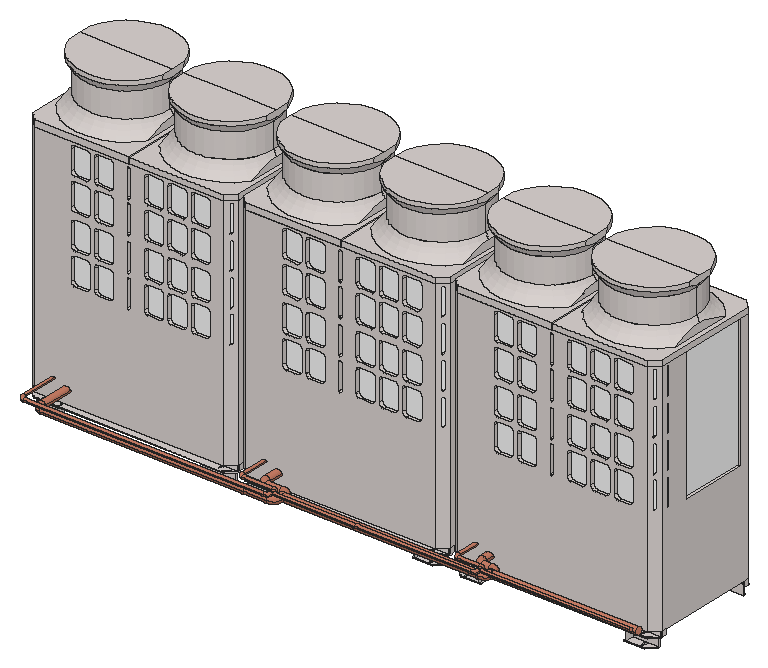
Revit family "PUHY-EP1300YSNW-A", category Mechanical Equipment, Revit 2012 (continued)
Definition of nested family "PUHY-EP400YNW-A"
  Lines and regions (mm)
    model lines
      curve 27: arc (620, -76.8, 563) -> (620, -83.871, 565.929) -> (620, -86.8, 573) r 10
      curve 28: arc (620, 203.2, 583) -> (620, 210.271, 580.071) -> (620, 213.2, 573) r 10
      curve 29: arc (620, 203.2, 563) -> (620, 210.271, 565.929) -> (620, 213.2, 573) r 10
      curve 30: line (620, -76.8, 478) -> (620, 203.2, 478)
      curve 31: line (620, 203.2, 458) -> (620, -76.8, 458)
      curve 32: arc (620, -76.8, 478) -> (620, -83.871, 475.071) -> (620, -86.8, 468) r 10
      curve 33: arc (620, -76.8, 458) -> (620, -83.871, 460.929) -> (620, -86.8, 468) r 10
      curve 34: arc (620, 203.2, 478) -> (620, 210.271, 475.071) -> (620, 213.2, 468) r 10
      curve 35: arc (620, 203.2, 458) -> (620, 210.271, 460.929) -> (620, 213.2, 468) r 10
      curve 36: line (620, -76.8, 373) -> (620, 203.2, 373)
      curve 37: line (620, 203.2, 353) -> (620, -76.8, 353)
      curve 38: arc (620, -76.8, 373) -> (620, -83.871, 370.071) -> (620, -86.8, 363) r 10
      curve 39: arc (620, -76.8, 353) -> (620, -83.871, 355.929) -> (620, -86.8, 363) r 10
      curve 40: arc (620, 203.2, 373) -> (620, 210.271, 370.071) -> (620, 213.2, 363) r 10
      curve 41: arc (620, 203.2, 353) -> (620, 210.271, 355.929) -> (620, 213.2, 363) r 10
      curve 42: line (620, -76.8, 268) -> (620, 203.2, 268)
      curve 43: line (620, 203.2, 248) -> (620, -76.8, 248)
      curve 44: arc (620, -76.8, 268) -> (620, -83.871, 265.071) -> (620, -86.8, 258) r 10
      curve 45: arc (620, -76.8, 248) -> (620, -83.871, 250.929) -> (620, -86.8, 258) r 10
      curve 46: arc (620, 203.2, 268) -> (620, 210.271, 265.071) -> (620, 213.2, 258) r 10
      curve 47: arc (620, 203.2, 248) -> (620, 210.271, 250.929) -> (620, 213.2, 258) r 10
      curve 48: line (-620, -162.3, 1521) -> (-620, -162.3, 95)
      curve 49: line (-620, 235.7, 1521) -> (-620, 235.7, 95)
      curve 50: line (-620, -112.3, 1521) -> (-620, -112.3, 705)
      curve 51: line (-620, 215.7, 1521) -> (-620, 215.7, 705)
      curve 52: line (-620, 235.7, 705) -> (-620, -162.3, 705)
      curve 53: line (-620, 176.7, 268) -> (-620, -103.3, 268)
      curve 54: line (-620, -103.3, 248) -> (-620, 176.7, 248)
      curve 55: arc (-620, 186.7, 258) -> (-620, 183.771, 265.071) -> (-620, 176.7, 268) r 10
      curve 56: arc (-620, 176.7, 248) -> (-620, 183.771, 250.929) -> (-620, 186.7, 258) r 10
      curve 57: arc (-620, -103.3, 268) -> (-620, -110.371, 265.071) -> (-620, -113.3, 258) r 10
      curve 58: arc (-620, -113.3, 258) -> (-620, -110.371, 250.929) -> (-620, -103.3, 248) r 10
      curve 59: line (-620, 176.7, 373) -> (-620, -103.3, 373)
      curve 60: line (-620, -103.3, 353) -> (-620, 176.7, 353)
      curve 61: arc (-620, 186.7, 363) -> (-620, 183.771, 370.071) -> (-620, 176.7, 373) r 10
      curve 62: arc (-620, 176.7, 353) -> (-620, 183.771, 355.929) -> (-620, 186.7, 363) r 10
      curve 63: arc (-620, -103.3, 373) -> (-620, -110.371, 370.071) -> (-620, -113.3, 363) r 10
      curve 64: arc (-620, -113.3, 363) -> (-620, -110.371, 355.929) -> (-620, -103.3, 353) r 10
      curve 65: line (-620, 176.7, 478) -> (-620, -103.3, 478)
      curve 66: line (-620, -103.3, 458) -> (-620, 176.7, 458)
      curve 67: arc (-620, 186.7, 468) -> (-620, 183.771, 475.071) -> (-620, 176.7, 478) r 10
      curve 68: arc (-620, 176.7, 458) -> (-620, 183.771, 460.929) -> (-620, 186.7, 468) r 10
      curve 69: arc (-620, -103.3, 478) -> (-620, -110.371, 475.071) -> (-620, -113.3, 468) r 10
      curve 70: arc (-620, -113.3, 468) -> (-620, -110.371, 460.929) -> (-620, -103.3, 458) r 10
      curve 71: line (-620, 176.7, 583) -> (-620, -103.3, 583)
      curve 72: line (-620, -103.3, 563) -> (-620, 176.7, 563)
      curve 73: arc (-620, 186.7, 573) -> (-620, 183.771, 580.071) -> (-620, 176.7, 583) r 10
      curve 74: arc (-620, 176.7, 563) -> (-620, 183.771, 565.929) -> (-620, 186.7, 573) r 10
      curve 75: arc (-620, -103.3, 583) -> (-620, -110.371, 580.071) -> (-620, -113.3, 573) r 10
      curve 76: arc (-620, -113.3, 573) -> (-620, -110.371, 565.929) -> (-620, -103.3, 563) r 10
      curve 77: line (-544, 370, 1521) -> (-544, 370, 95)
      curve 78: line (489, 370, 649) -> (30, 370, 649)
      curve 79: line (-30.5, 370, 649) -> (-544, 370, 649)
      curve 80: line (-147.25, 370, 584) -> (-427.25, 370, 584)
      curve 81: line (-427.25, 370, 564) -> (-147.25, 370, 564)
      curve 82: arc (-137.25, 370, 574) -> (-140.179, 370, 581.071) -> (-147.25, 370, 584) r 10
      curve 83: arc (-147.25, 370, 564) -> (-140.179, 370, 566.929) -> (-137.25, 370, 574) r 10
      curve 84: arc (-427.25, 370, 584) -> (-434.321, 370, 581.071) -> (-437.25, 370, 574) r 10
      curve 85: arc (-437.25, 370, 574) -> (-434.321, 370, 566.929) -> (-427.25, 370, 564) r 10
      curve 86: circle (448, -185, 1521) r 15 normal (0, 0, 1)
      curve 87: circle (468, -185, 95) r 26 normal (0, 0, 1)
      curve 88: circle (448, -260, 95) r 32.5 normal (0, 0, 1)
      curve 89: circle (404, -204, 95) r 17 normal (0, 0, 1)
      curve 90: line (-550, -370, 1521) -> (-550, -370, 95)
      curve 91: line (-550, -370, 716) -> (-30, -370, 716)
      curve 92: line (550, -370, 95) -> (550, -370, 1521)
      curve 93: line (30, -370, 716) -> (550, -370, 716)
      curve 94: line (-30.5, 370, 1521) -> (-30.5, 370, 95)
      curve 95: line (30, 370, 1521) -> (30, 370, 95)
      curve 96: line (489, 370, 1521) -> (489, 370, 95)
      curve 97: line (467, 370, 669) -> (467, 370, 649)
      curve 98: line (-352, -370, 223) -> (-550, -370, 223)
      curve 99: line (-342, -370, 213) -> (-342, -370, 95)
      curve 100: arc (-342, -370, 213) -> (-344.929, -370, 220.071) -> (-352, -370, 223) r 10
      curve 101: circle (488, -370, 160) r 32.5 normal (0, -1, 0)
      curve 102: circle (488, -370, 160) r 20 normal (0, -1, 0)
      curve 103: circle (364, -370, 150) r 17 normal (0, -1, 0)
      curve 104: circle (413, -370, 185) r 26 normal (0, -1, 0)
      curve 105: circle (413, -370, 185) r 13.5 normal (0, -1, 0)
      curve 106: line (352, -370, 223) -> (550, -370, 223)
      curve 107: line (342, -370, 213) -> (342, -370, 95)
      curve 108: arc (342, -370, 213) -> (344.929, -370, 220.071) -> (352, -370, 223) r 10
      curve 109: line (-147.25, 370, 479) -> (-427.25, 370, 479)
      curve 110: line (-427.25, 370, 459) -> (-147.25, 370, 459)
      curve 111: arc (-137.25, 370, 469) -> (-140.179, 370, 476.071) -> (-147.25, 370, 479) r 10
      curve 112: arc (-147.25, 370, 459) -> (-140.179, 370, 461.929) -> (-137.25, 370, 469) r 10
      curve 113: arc (-427.25, 370, 479) -> (-434.321, 370, 476.071) -> (-437.25, 370, 469) r 10
      curve 114: arc (-437.25, 370, 469) -> (-434.321, 370, 461.929) -> (-427.25, 370, 459) r 10
      curve 115: line (-147.25, 370, 374) -> (-427.25, 370, 374)
      curve 116: line (-427.25, 370, 354) -> (-147.25, 370, 354)
      curve 117: arc (-137.25, 370, 364) -> (-140.179, 370, 371.071) -> (-147.25, 370, 374) r 10
      curve 118: arc (-147.25, 370, 354) -> (-140.179, 370, 356.929) -> (-137.25, 370, 364) r 10
      curve 119: arc (-427.25, 370, 374) -> (-434.321, 370, 371.071) -> (-437.25, 370, 364) r 10
      curve 120: arc (-437.25, 370, 364) -> (-434.321, 370, 356.929) -> (-427.25, 370, 354) r 10
      curve 121: line (-147.25, 370, 269) -> (-427.25, 370, 269)
      curve 122: line (-427.25, 370, 249) -> (-147.25, 370, 249)
      curve 123: arc (-137.25, 370, 259) -> (-140.179, 370, 266.071) -> (-147.25, 370, 269) r 10
      curve 124: arc (-147.25, 370, 249) -> (-140.179, 370, 251.929) -> (-137.25, 370, 259) r 10
      curve 125: arc (-427.25, 370, 269) -> (-434.321, 370, 266.071) -> (-437.25, 370, 259) r 10
      curve 126: arc (-437.25, 370, 259) -> (-434.321, 370, 251.929) -> (-427.25, 370, 249) r 10
      curve 127: line (399.5, 370, 584) -> (119.5, 370, 584)
      curve 128: line (119.5, 370, 564) -> (399.5, 370, 564)
      curve 129: arc (409.5, 370, 574) -> (406.571, 370, 581.071) -> (399.5, 370, 584) r 10
      curve 130: arc (399.5, 370, 564) -> (406.571, 370, 566.929) -> (409.5, 370, 574) r 10
      curve 131: arc (119.5, 370, 584) -> (112.429, 370, 581.071) -> (109.5, 370, 574) r 10
      curve 132: arc (109.5, 370, 574) -> (112.429, 370, 566.929) -> (119.5, 370, 564) r 10
      curve 133: line (399.5, 370, 479) -> (119.5, 370, 479)
      curve 134: line (119.5, 370, 459) -> (399.5, 370, 459)
      curve 135: arc (409.5, 370, 469) -> (406.571, 370, 476.071) -> (399.5, 370, 479) r 10
      curve 136: arc (399.5, 370, 459) -> (406.571, 370, 461.929) -> (409.5, 370, 469) r 10
      curve 137: arc (119.5, 370, 479) -> (112.429, 370, 476.071) -> (109.5, 370, 469) r 10
      curve 138: arc (109.5, 370, 469) -> (112.429, 370, 461.929) -> (119.5, 370, 459) r 10
      curve 139: line (399.5, 370, 374) -> (119.5, 370, 374)
      curve 140: line (119.5, 370, 354) -> (399.5, 370, 354)
      curve 141: arc (409.5, 370, 364) -> (406.571, 370, 371.071) -> (399.5, 370, 374) r 10
      curve 142: arc (399.5, 370, 354) -> (406.571, 370, 356.929) -> (409.5, 370, 364) r 10
      curve 143: arc (119.5, 370, 374) -> (112.429, 370, 371.071) -> (109.5, 370, 364) r 10
      curve 144: arc (109.5, 370, 364) -> (112.429, 370, 356.929) -> (119.5, 370, 354) r 10
      curve 145: line (399.5, 370, 269) -> (119.5, 370, 269)
      curve 146: line (119.5, 370, 249) -> (399.5, 370, 249)
      curve 147: arc (409.5, 370, 259) -> (406.571, 370, 266.071) -> (399.5, 370, 269) r 10
      curve 148: arc (399.5, 370, 249) -> (406.571, 370, 251.929) -> (409.5, 370, 259) r 10
      curve 149: arc (119.5, 370, 269) -> (112.429, 370, 266.071) -> (109.5, 370, 259) r 10
      curve 150: arc (109.5, 370, 259) -> (112.429, 370, 251.929) -> (119.5, 370, 249) r 10
      curve 151: line (399.5, -370, 584) -> (119.5, -370, 584)
      curve 152: line (119.5, -370, 564) -> (399.5, -370, 564)
      curve 153: arc (409.5, -370, 574) -> (406.571, -370, 581.071) -> (399.5, -370, 584) r 10
      curve 154: arc (399.5, -370, 564) -> (406.571, -370, 566.929) -> (409.5, -370, 574) r 10
      curve 155: arc (119.5, -370, 584) -> (112.429, -370, 581.071) -> (109.5, -370, 574) r 10
      curve 156: arc (109.5, -370, 574) -> (112.429, -370, 566.929) -> (119.5, -370, 564) r 10
      curve 157: line (399.5, -370, 479) -> (119.5, -370, 479)
      curve 158: line (119.5, -370, 459) -> (399.5, -370, 459)
      curve 159: arc (409.5, -370, 469) -> (406.571, -370, 476.071) -> (399.5, -370, 479) r 10
      curve 160: arc (399.5, -370, 459) -> (406.571, -370, 461.929) -> (409.5, -370, 469) r 10
      curve 161: arc (119.5, -370, 479) -> (112.429, -370, 476.071) -> (109.5, -370, 469) r 10
      curve 162: arc (109.5, -370, 469) -> (112.429, -370, 461.929) -> (119.5, -370, 459) r 10
      curve 163: line (399.5, -370, 374) -> (119.5, -370, 374)
      curve 164: line (119.5, -370, 354) -> (399.5, -370, 354)
      curve 165: arc (409.5, -370, 364) -> (406.571, -370, 371.071) -> (399.5, -370, 374) r 10
      curve 166: arc (399.5, -370, 354) -> (406.571, -370, 356.929) -> (409.5, -370, 364) r 10
      curve 167: arc (119.5, -370, 374) -> (112.429, -370, 371.071) -> (109.5, -370, 364) r 10
      curve 168: arc (109.5, -370, 364) -> (112.429, -370, 356.929) -> (119.5, -370, 354) r 10
      curve 169: arc (119.5, -370, 269) -> (112.429, -370, 266.071) -> (109.5, -370, 259) r 10
      curve 170: arc (109.5, -370, 259) -> (112.429, -370, 251.929) -> (119.5, -370, 249) r 10
      curve 171: line (-147.25, -370, 584) -> (-427.25, -370, 584)
      curve 172: line (-427.25, -370, 564) -> (-147.25, -370, 564)
      curve 173: arc (-137.25, -370, 574) -> (-140.179, -370, 581.071) -> (-147.25, -370, 584) r 10
      curve 174: arc (-147.25, -370, 564) -> (-140.179, -370, 566.929) -> (-137.25, -370, 574) r 10
      curve 175: arc (-427.25, -370, 584) -> (-434.321, -370, 581.071) -> (-437.25, -370, 574) r 10
      curve 176: arc (-437.25, -370, 574) -> (-434.321, -370, 566.929) -> (-427.25, -370, 564) r 10
      curve 177: line (-147.25, -370, 479) -> (-427.25, -370, 479)
      curve 178: line (-427.25, -370, 459) -> (-147.25, -370, 459)
      curve 179: arc (-137.25, -370, 469) -> (-140.179, -370, 476.071) -> (-147.25, -370, 479) r 10
      curve 180: arc (-147.25, -370, 459) -> (-140.179, -370, 461.929) -> (-137.25, -370, 469) r 10
      curve 181: arc (-427.25, -370, 479) -> (-434.321, -370, 476.071) -> (-437.25, -370, 469) r 10
      curve 182: arc (-437.25, -370, 469) -> (-434.321, -370, 461.929) -> (-427.25, -370, 459) r 10
      curve 183: line (-147.25, -370, 374) -> (-427.25, -370, 374)
      curve 184: line (-427.25, -370, 354) -> (-147.25, -370, 354)
      curve 185: arc (-137.25, -370, 364) -> (-140.179, -370, 371.071) -> (-147.25, -370, 374) r 10
      curve 186: arc (-147.25, -370, 354) -> (-140.179, -370, 356.929) -> (-137.25, -370, 364) r 10
      curve 187: arc (-427.25, -370, 374) -> (-434.321, -370, 371.071) -> (-437.25, -370, 364) r 10
      curve 188: arc (-437.25, -370, 364) -> (-434.321, -370, 356.929) -> (-427.25, -370, 354) r 10
      curve 189: line (-147.25, -370, 269) -> (-262.25, -370, 269)
      curve 190: line (-262.25, -370, 249) -> (-147.25, -370, 249)
      curve 191: arc (-137.25, -370, 259) -> (-140.179, -370, 266.071) -> (-147.25, -370, 269) r 10
      curve 192: arc (-147.25, -370, 249) -> (-140.179, -370, 251.929) -> (-137.25, -370, 259) r 10
      curve 193: arc (-262.25, -370, 269) -> (-269.321, -370, 266.071) -> (-272.25, -370, 259) r 10
      curve 194: arc (-272.25, -370, 259) -> (-269.321, -370, 251.929) -> (-262.25, -370, 249) r 10
      curve 195: line (234.5, -370, 269) -> (119.5, -370, 269)
      curve 196: line (119.5, -370, 249) -> (234.5, -370, 249)
      curve 197: arc (244.5, -370, 259) -> (241.571, -370, 266.071) -> (234.5, -370, 269) r 10
      curve 198: arc (234.5, -370, 249) -> (241.571, -370, 251.929) -> (244.5, -370, 259) r 10
  Dimensions and locks
    nested 2 to nested 2 = 303 mm
    cut or joined group 1 (Extrusion 1, Extrusion 2, Extrusion 3, Extrusion 4, Extrusion 5, Extrusion 6, Extrusion 7, Extrusion 8, Extrusion 9, Extrusion 10, Extrusion 11, Extrusion 12, Extrusion 13, Extrusion 14, Extrusion 15, Extrusion 16, Extrusion 17, Extrusion 18, Extrusion 19, Extrusion 20, Extrusion 21, Extrusion 22, Extrusion 23, Extrusion 24, Extrusion 25, Extrusion 26, Extrusion 27, Extrusion 28, Extrusion 29, Extrusion 30, Extrusion 31, Extrusion 32, Extrusion 33) to cut or joined group 1 = 1240 mm
    Extrusion 2 sketch curve to Extrusion 2 sketch curve = 116.8 mm
    Extrusion 2 sketch curve to Extrusion 2 sketch curve = 170.8 mm
    Extrusion 3 sketch curve to Extrusion 3 sketch curve = 116.8 mm
    Extrusion 3 sketch curve to Extrusion 3 sketch curve = 170.8 mm
    Extrusion 4 sketch curve to Extrusion 4 sketch curve = 116.8 mm
    Extrusion 4 sketch curve to Extrusion 4 sketch curve = 170.8 mm
    Extrusion 5 sketch curve to Extrusion 5 sketch curve = 116.8 mm
    Extrusion 5 sketch curve to Extrusion 5 sketch curve = 170.8 mm
    Extrusion 6 sketch curve to Extrusion 6 sketch curve = 116.8 mm
    Extrusion 6 sketch curve to Extrusion 6 sketch curve = 170.8 mm
    Extrusion 7 sketch curve to Extrusion 7 sketch curve = 116.8 mm
    Extrusion 7 sketch curve to Extrusion 7 sketch curve = 170.8 mm
    Extrusion 8 sketch curve to Extrusion 8 sketch curve = 116.8 mm
    Extrusion 8 sketch curve to Extrusion 8 sketch curve = 170.8 mm
    Extrusion 9 sketch curve to Extrusion 9 sketch curve = 116.8 mm
    Extrusion 9 sketch curve to Extrusion 9 sketch curve = 170.8 mm
    cut or joined group 1 to cut or joined group 1 = 50 mm  (x2)
    Extrusion 10 sketch curve to Extrusion 10 sketch curve = 116.8 mm
    Extrusion 10 sketch curve to Extrusion 10 sketch curve = 170.8 mm
    Extrusion 11 sketch curve to Extrusion 11 sketch curve = 116.8 mm
    Extrusion 11 sketch curve to Extrusion 11 sketch curve = 170.8 mm
    Extrusion 12 sketch curve to Extrusion 12 sketch curve = 116.8 mm
    Extrusion 12 sketch curve to Extrusion 12 sketch curve = 170.8 mm
    Extrusion 13 sketch curve to Extrusion 13 sketch curve = 116.8 mm
    Extrusion 13 sketch curve to Extrusion 13 sketch curve = 170.8 mm
    Extrusion 14 sketch curve to Extrusion 14 sketch curve = 116.8 mm
    Extrusion 14 sketch curve to Extrusion 14 sketch curve = 170.8 mm
    Extrusion 15 sketch curve to Extrusion 15 sketch curve = 116.8 mm
    Extrusion 15 sketch curve to Extrusion 15 sketch curve = 170.8 mm
    Extrusion 16 sketch curve to Extrusion 16 sketch curve = 116.8 mm
    Extrusion 16 sketch curve to Extrusion 16 sketch curve = 170.8 mm
    Extrusion 17 sketch curve to Extrusion 17 sketch curve = 116.8 mm
    Extrusion 17 sketch curve to Extrusion 17 sketch curve = 170.8 mm
    Extrusion 18 sketch curve to Extrusion 18 sketch curve = 116.8 mm
    Extrusion 18 sketch curve to Extrusion 18 sketch curve = 170.8 mm
    Extrusion 19 sketch curve to Extrusion 19 sketch curve = 116.8 mm
    Extrusion 19 sketch curve to Extrusion 19 sketch curve = 170.8 mm
    Extrusion 20 sketch curve to Extrusion 20 sketch curve = 116.8 mm
    Extrusion 20 sketch curve to Extrusion 20 sketch curve = 170.8 mm
    Extrusion 21 sketch curve to Extrusion 21 sketch curve = 116.8 mm
    Extrusion 21 sketch curve to Extrusion 21 sketch curve = 170.8 mm
    plane 3 "Center (Left/Right)" to cut or joined group 1 = 620 mm
    cut or joined group 1 to plane 3 "Center (Left/Right)" = 620 mm
    Extrusion 1 sketch curve to Extrusion 1 sketch curve = 1240 mm
    cut or joined group 1 to plane 8 = 185 mm
    cut or joined group 1 to plane 7 = 166 mm
    cut or joined group 1 to plane 6 = 110 mm
    cut or joined group 1 to plane 12 to cut or joined group 1 = 805 mm, 621 mm
    plane 5 to plane 2 = 1858 mm  (x2)
    cut or joined group 1 to plane 19 "132" = 132 mm
    cut or joined group 1 to plane 22 = 207 mm
    cut or joined group 1 to plane 23 = 256 mm
    cut or joined group 1 to plane 6 = 60 mm
    cut or joined group 1 to cut or joined group 1 = 42.154 mm
    cut or joined group 1 to cut or joined group 1 = 11.895 mm
    nested 1 to nested 3 to level = 1798 mm, 60 mm
    nested 1 to nested 1 = 303 mm
    nested 1 to nested 3 = 1495 mm
    nested 8 to nested 8 to nested 8 to nested 7 to nested 7 to nested 7 = 54 mm, 20 mm, 592 mm, 20 mm, 54 mm
    nested 3 to nested 3 = 56 mm
    plane 11 to plane 31 to plane 32 to cut or joined group 1 = 90 mm, 1060 mm, 90 mm
    curve 103 to nested 7 = 90 mm
    curve 104 to nested 7 = 125 mm
    curve 101 to nested 7 = 100 mm
    curve 11 to curve 13 to nested 7 = 84 mm, 71 mm
    cut or joined group 1 to curve 12 to curve 14 = 125 mm, 148 mm
    nested 2 to nested 7 = 1495 mm
    curve 87 to cut or joined group 1 = 152 mm
    curve 88 to cut or joined group 1 = 172 mm
    curve 89 to cut or joined group 1 = 216 mm
    cut or joined group 1 to curve 4 to curve 2 = 128 mm, 150 mm
    cut or joined group 1 to curve 1 to curve 3 = 79 mm, 94 mm
    Extrusion 32 sketch curve to nested 7 = 116 mm
    cut or joined group 1 to Extrusion 32 sketch curve = 160 mm
    cut or joined group 1 to Extrusion 33 sketch curve = 243 mm
    Extrusion 33 sketch curve to nested 7 = 116 mm
    aligned and locked: level to plane 2
    aligned and locked: Extrusion 1 to plane 4
  Nested families
    nested 1: "FAN GUARD" at (-311.5, 2, 860), type "FAN GUARD"
      with WIDTH 870 mm
    nested 2: "FAN GUARD" at (311.5, 2, 860) x (-1, 0, 0) z (0, 0, 1), type "FAN GUARD"
      with WIDTH 870 mm
    nested 3: "ATTACHMENT LEG" at (-524, -349, 0), type "ATTACHMENT LEG"
    nested 4: "ATTACHMENT LEG" at (-524, 349, 0), type "ATTACHMENT LEG"
    nested 5: "ATTACHMENT LEG" at (524, -349, 0) x (-1, 0, 0) z (0, 0, 1), type "ATTACHMENT LEG"
    nested 6: "ATTACHMENT LEG" at (524, 349, 0) x (-1, 0, 0) z (0, 0, 1), type "ATTACHMENT LEG"
    nested 7: "BASE LEG_L_" at (0, -352, 60), type "BASE LEG_L_"
      with Width 1240 mm
    nested 8: "BASE LEG_L_" at (0, 352, 60), type "BASE LEG_L_"
      with Width 1240 mm
  Connectors
    piping at (-460, -191, 176), driven by "Liquid pipe_radius"
      settings: on cut or joined group 1, index 3, connector radius 12.7 mm, flow factor 0, pipe flow 0.0 L/s, pressure drop 0.0 Pa, fitting loss kfactor 0, connector angle 0.00°, fixture units 0, engagement length 0 mm, flow configuration 0, flow direction 0, fitting loss method 0, system type 22, joint type 0, gender type 0, connector reference index -1, connector utility 0, adjustable connector no, is connector primary yes, fitting loss table "", connector description "Refrigerant service valve<Liquid pipe>"
    piping at (-377, -191, 176), driven by "Gas pipe_radius"
      settings: on cut or joined group 1, index 4, connector radius 14.29 mm, flow factor 0, pipe flow 0.0 L/s, pressure drop 0.0 Pa, fitting loss kfactor 0, connector angle 0.00°, fixture units 0, engagement length 0 mm, flow configuration 0, flow direction 0, fitting loss method 0, system type 22, joint type 0, gender type 0, connector reference index -1, connector utility 0, adjustable connector no, is connector primary no, fitting loss table "", connector description "Refrigerant service valve<Gas>"
    electrical at (0, -370, 808)
      settings: on cut or joined group 1, index 5, voltage 0 V, apparent load 0 VA, apparent load phase1 0 VA, apparent load phase2 0 VA, apparent load phase3 0 VA, power factor 1, load classification "HVAC", number of poles 1, system type 30, power factor state 1, is connector primary yes, connector utility no, sub classification motor no, connector description ""
  Definition of nested family "FAN GUARD"
    Parameters (values of type "FAN GUARD")
      WIDTH [instance] = 870 mm
    Reference planes
      plane 1 "中心(正面/背面)": y = -2
      plane 2: z = 0
      plane 3 "ファンガード基準面": z = 661
      plane 4: y = 368
      plane 5: x = 366
      plane 6: x = -375
      plane 7 "ファンガード基準上面": z = 695
      plane 8 "ファンガード上面": z = 998
      plane 9: x = -273.971
      plane 10: x = 308.5
      plane 11: x = -308.5
      plane 12: x = 0
    Forms (mm)
      Extrusion 1, solid, material "Paint_5Y 8/1"
        sketch origin (85, 0, 661) x (-1, 0, 0) y (0, -1, 0)
          loop
            line (343.5, -368) -> (393.5, -318) -> (393.5, 322) -> (343.5, 372) -> (-223.5, 372) -> (-223.5, -368) -> (343.5, -368)
        from 0 to 34
      Revolve 2, solid, material "Paint_5Y 8/1"
        sketch origin (0, -2, 0) x (1, 0, 0) y (0, 0, 1)
          loop
            line (0, 695) -> (0, 998) -> (-290, 998) -> (-290, 972.327) -> (-260, 928.372) -> (-260, 777.384)
            arc (-260, 777.384) -> (-290.651, 730.137) -> (-334.665, 695) r 175.882
            line (-334.665, 695) -> (0, 695)
          axis (0, 998) -> (0, 695)
        angle from 0 to 360
      Extrusion 3, void
        sketch origin (-840, 75, 695) x (-1, 0, 0) y (0, -1, 0)
          loop
            line (-410, -165) -> (-410, 315) -> (-561.253, 315) -> (-561.253, -165) -> (-410, -165)
        from -35 to 430.592
      Extrusion 4, void
        sketch origin (840, 75, 695) x (1, 0, 0) y (0, 1, 0)
          loop
            line (-410, 165) -> (-561.253, 165) -> (-561.253, -315) -> (-410, -315) -> (-410, 165)
        from 0 to 430.592
    Cuts and joins
      Extrusion 3, Extrusion 4 cuts Revolve 2
      Extrusion 4 cuts Extrusion 1
    Lines and regions (mm)
      model lines
        curve 1: line (-278.747, 0, 998) -> (-80, 0, 998)
        curve 2: line (80, 0, 998) -> (278.747, 0, 998)
        curve 3: circle (0, 0, 998) r 80 normal (0, 0, 1)
        curve 4: line (-278.747, -80, 998) -> (278.747, -80, 998)
        curve 5: line (-241.868, -160, 998) -> (241.868, -160, 998)
        curve 6: line (-162.788, -240, 998) -> (162.788, -240, 998)
        curve 7: line (-278.747, 80, 998) -> (278.747, 80, 998)
        curve 8: line (-241.868, 160, 998) -> (240, 160, 998)
        curve 9: line (-160, 240, 998) -> (162.788, 240, 998)
        curve 10: line (0, 290, 998) -> (0, -290, 998)
        curve 11: line (-20, 289.31, 998) -> (-20, -289.31, 998)
        curve 12: line (-40, 287.228, 998) -> (-40, -287.228, 998)
        curve 13: line (-60, 283.725, 998) -> (-60, -283.725, 998)
        curve 14: line (-80, 278.747, 998) -> (-80, -278.747, 998)
        curve 15: line (20, 289.31, 998) -> (20, -289.31, 998)
        curve 16: line (40, 287.228, 998) -> (40, -287.228, 998)
        curve 17: line (60, 283.725, 998) -> (60, -283.725, 998)
        curve 18: line (80, 278.747, 998) -> (80, -278.747, 998)
        curve 19: line (100, 272.213, 998) -> (100, -272.213, 998)
        curve 20: line (120, 264.008, 998) -> (120, -264.008, 998)
        curve 21: line (140, 253.969, 998) -> (140, -253.969, 998)
        curve 22: line (160, 241.868, 998) -> (160, -243.132, 998)
        curve 23: line (180, 227.376, 998) -> (180, -227.624, 998)
        curve 24: line (200, 210, 998) -> (200, -210, 998)
        curve 25: line (220, 188.944, 998) -> (220, -188.944, 998)
        curve 26: line (240, 160, 998) -> (240, -162.788, 998)
        curve 27: line (260, 128.452, 998) -> (260, -128.452, 998)
        curve 28: line (-100, 272.213, 998) -> (-100, -272.213, 998)
        curve 29: line (-120, 264.008, 998) -> (-120, -264.008, 998)
        curve 30: line (-140, 253.969, 998) -> (-140, -253.969, 998)
        curve 31: line (-160, 240, 998) -> (-160, -241.868, 998)
        curve 32: line (-180, 227.376, 998) -> (-180, -227.376, 998)
        curve 33: line (-200, 210, 998) -> (-200, -210, 998)
        curve 34: line (-220, 188.944, 998) -> (-220, -188.944, 998)
        curve 35: line (-240, 162.788, 998) -> (-240, -162.788, 998)
        curve 36: line (-260, 128.452, 998) -> (-260, -128.452, 998)
        curve 37: line (10, 79.373, 998) -> (10, -79.373, 998)
        curve 38: line (-10, 79.373, 998) -> (-10, -79.373, 998)
        curve 39: line (30, 74.162, 998) -> (30, -74.162, 998)
        curve 40: line (50, 62.45, 998) -> (50, -62.45, 998)
        curve 41: line (70, 38.73, 998) -> (70, -38.73, 998)
        curve 42: line (-30, 74.162, 998) -> (-30, -74.162, 998)
        curve 43: line (-50, 62.45, 998) -> (-50, -62.45, 998)
        curve 44: line (-70, 38.73, 998) -> (-70, -38.73, 998)
    Dimensions and locks
      locked: plane 8 "ファンガード上面" to plane 7 "ファンガード基準上面" at 303
      plane 8 "ファンガード上面" to plane 3 "ファンガード基準面" = 337 mm
      Revolve 2 sketch curve to Revolve 2 sketch curve = 290 mm
      Extrusion 1 sketch curve to Extrusion 1 sketch curve = 740 mm
      equal spacing: Extrusion 1 sketch curve, plane 1 "中心(正面/背面)", Extrusion 1 sketch curve
      plane 6 to plane 5 = 741 mm
      Extrusion 1 sketch curve to Extrusion 1 sketch curve = 617 mm
      plane 11 to plane 10 = 617 mm
      cut or joined group of Extrusion 1, Extrusion 4 to cut or joined group of Extrusion 1, Extrusion 4 = 617 mm
      cut or joined group of Extrusion 1, Extrusion 4 to cut or joined group of Extrusion 1, Extrusion 4 = 740 mm
      aligned and locked: level to plane 2
      aligned and locked: plane 7 "ファンガード基準上面" to Extrusion 1
      aligned and locked: plane 3 "ファンガード基準面" to Extrusion 1
      aligned and locked: cut or joined group of Revolve 2, Extrusion 3, Extrusion 4 to plane 8 "ファンガード上面"
  Definition of nested family "ATTACHMENT LEG"
    Parameters (values of type "ATTACHMENT LEG")
      Width = 145 mm
    Reference planes
      plane 1: z = 0
      plane 2 "中心(左/右)": x = -6
      plane 3: x = -52
      plane 4: x = 85
      plane 5: x = 93
      plane 6: y = -21
      plane 7: y = 27
      plane 8: x = -30
      plane 9: y = 39
      plane 10: z = 60
      plane 11: z = 57
      plane 12: z = 3
      plane 13: x = 82
      plane 14: y = 36
      plane 15: x = -75
      plane 16: y = 31
      plane 17 "幅": x = 93
      plane 18: y = 2.5
      plane 19: y = 21
      plane 20: y = -10
    Forms (mm)
      Extrusion 1, solid, material "Paint_5Y 8/1"
        sketch origin (0, -1, 0) x (1, 0, 0) y (0, 1, 0)
          loop
            line (-75, 36) -> (-75, 27) -> (-28, -20) -> (93, -20) -> (93, 32) -> (85, 32) -> (85, 36) -> (-75, 36)
        from 0 to 60
      Extrusion 2, void
        sketch origin (0, -3, 0) x (1, 0, 0) y (0, 0, 1)
          loop
            line (-75, 57) -> (-75, 3) -> (82, 3) -> (82, 57) -> (-75, 57)
          loop
            line (93, 57) -> (85, 57) -> (85, 3) -> (93, 3) -> (93, 57)
        from -35 to 18
      Extrusion 3, void
        sketch origin (-6, 5.5, 0) x (1, 0, 0) y (0, 1, 0)
          loop
            arc (-7, -8.5) -> (0, -15.5) -> (7, -8.5) r 7
            line (7, -8.5) -> (7, 8.5)
            arc (7, 8.5) -> (0, 15.5) -> (-7, 8.5) r 7
            line (-7, 8.5) -> (-7, -8.5)
        from 0 to 60
    Cuts and joins
      Extrusion 2, Extrusion 3 cuts Extrusion 1
    Dimensions and locks
      locked: plane 3 to plane 4 at 137
      locked: plane 3 to plane 5 at 145
      plane 6 to plane 7 = 48 mm
      locked: plane 10 to level at 60
      Extrusion 3 sketch curve to plane 2 "中心(左/右)" = 7 mm
      locked: plane 15 to plane 2 "中心(左/右)" at 69
      locked: plane 15 to plane 8 at 45
      locked: plane 6 to plane 18 at 23.5
      cut or joined group of Extrusion 1, Extrusion 2, Extrusion 3 to cut or joined group of Extrusion 1, Extrusion 2, Extrusion 3 = 168 mm
      cut or joined group of Extrusion 1, Extrusion 2, Extrusion 3 to cut or joined group of Extrusion 1, Extrusion 2, Extrusion 3 = 56 mm  (x2)
      plane 14 to plane 6 = 57 mm
      aligned and locked: level to plane 1
      aligned and locked: Extrusion 1 sketch curve to plane 4
      aligned and locked: Extrusion 1 sketch curve to plane 5
      aligned: plane 8 to Extrusion 1 sketch curve
      aligned and locked: plane 10 to Extrusion 1
      aligned and locked: Extrusion 2 sketch curve to plane 11
      aligned: plane 3 to Extrusion 2 sketch curve
      aligned and locked: plane 12 to Extrusion 2 sketch curve
      aligned and locked: Extrusion 2 sketch curve to plane 13
      aligned and locked: plane 6 to Extrusion 2
      aligned and locked: plane 11 to Extrusion 2 sketch curve
      aligned and locked: plane 5 to Extrusion 2 sketch curve
      aligned and locked: Extrusion 2 sketch curve to plane 12
      aligned and locked: Extrusion 2 sketch curve to plane 4
      aligned and locked: plane 15 to Extrusion 1 sketch curve
      aligned and locked: Extrusion 2 sketch curve to cut or joined group of Extrusion 1, Extrusion 2, Extrusion 3
      aligned and locked: Extrusion 1 to plane 16
  Definition of nested family "BASE LEG_L_"
    Parameters (values of type "BASE LEG_L_")
      Width [instance] = 1240 mm
    Reference planes
      plane 1 "中心(正面/背面)": y = 0
      plane 2: z = 0
      plane 3 "中心(左/右)": x = 0
      plane 4: x = 620
      plane 5: x = -620
      plane 6: x = -530
      plane 7: x = 530
      plane 8: y = -18
      plane 9: y = 39
      plane 10: z = 53
      plane 11: y = 42
      plane 12: y = 27
      plane 13: x = 575
      plane 14: x = -575
      plane 15: z = 8
      plane 16: y = 11.5
      plane 17: z = 35
    Forms (mm)
      Extrusion 1, solid, material "Paint_5Y 8/1"
        sketch origin (0, 0, 0) x (0, 1, 0) y (0, 0, 1)
          loop
            line (-18, 0) -> (36, 0) -> (36, 32) -> (56, 32) -> (56, 35) -> (33, 35) -> (33, 3) -> (-18, 3) -> (-18, 0)
        from -620 to 620
      Extrusion 2, void
        sketch origin (0, 0, 0) x (1, 0, 0) y (0, 1, 0)
          loop
            line (575, -18) -> (620, -18) -> (620, 27) -> (575, -18)
          loop
            line (-575, -18) -> (-620, 27) -> (-620, -18) -> (-575, -18)
        from 0 to 250
      Extrusion 3, void
        sketch origin (0, 12.023, 0) x (1, 0, 0) y (0, 1, 0)
          loop
            arc (523, -2.971) -> (530, -9.971) -> (537, -2.971) r 7
            line (537, -2.971) -> (537, 3.023)
            arc (537, 3.023) -> (530, 10.023) -> (523, 3.023) r 7
            line (523, 3.023) -> (523, -2.971)
          loop
            line (-523, -2.971) -> (-523, 3.023)
            arc (-523, 3.023) -> (-530, 10.023) -> (-537, 3.023) r 7
            line (-537, 3.023) -> (-537, -2.971)
            arc (-537, -2.971) -> (-530, -9.971) -> (-523, -2.971) r 7
        from 0 to 250
      Extrusion 4, solid, material "Paint_5Y 8/1"
        sketch origin (0, 0, -3) x (1, 0, 0) y (0, 0, 1)
          loop
            line (617, 8) -> (620, 8) -> (620, 35) -> (617, 35) -> (617, 8)
          loop
            line (-617, 8) -> (-617, 35) -> (-620, 35) -> (-620, 8) -> (-617, 8)
        from -36 to -56
      Extrusion 5, solid, material "Paint_5Y 8/1"
        sketch origin (150, 352, 0) x (1, 0, 0) y (0, 1, 0)
          loop
            line (460, -319) -> (455, -319) -> (455, -320) -> (405, -370) -> (410, -370) -> (460, -320) -> (460, -319)
        from 3 to 35
      Extrusion 6, void
        sketch origin (560, -18, 0) x (0.707107, 0.707107, 0) y (0, 0, 1)
          loop
            line (70.711, 3) -> (-6.741, 39.767) -> (-6.741, 3) -> (70.711, 3)
        from -190.256 to 23.776
      Extrusion 7, solid, material "Paint_5Y 8/1"
        sketch origin (-150, 352, 0) x (-1, 0, 0) y (0, -1, 0)
          loop
            line (460, 319) -> (460, 320) -> (410, 370) -> (405, 370) -> (455, 320) -> (455, 319) -> (460, 319)
        from 3 to 35
      Extrusion 8, void
        sketch origin (-560, -18, 0) x (0.707107, -0.707107, 0) y (0, 0, -1)
          loop
            line (-70.711, -3) -> (0, -35) -> (6.741, -35) -> (6.741, -3) -> (-70.711, -3)
        from -190.256 to 23.776
    Cuts and joins
      Extrusion 2, Extrusion 3 cuts Extrusion 1
      joined: Extrusion 1, Extrusion 4
      Extrusion 8 cuts Extrusion 7
      Extrusion 6 cuts Extrusion 5
    Dimensions and locks
      "Width": plane 5 to plane 4
      equal spacing: plane 5, plane 3 "中心(左/右)", plane 4
      locked: plane 5 to plane 6 at 90
      locked: plane 7 to plane 4 at 90
      locked: plane 8 to plane 9 at 57
      locked: plane 10 to level at 53
      locked: plane 9 to plane 11 at 3
      plane 8 to plane 12 = 45 mm
      locked: plane 13 to plane 4 at 45
      locked: plane 5 to plane 14 at 45
      equal spacing: Extrusion 3 sketch curve, plane 7, Extrusion 3 sketch curve
      equal spacing: Extrusion 3 sketch curve, plane 6, Extrusion 3 sketch curve
      locked: plane 10 to plane 15 at 45
      locked: cut or joined group of Extrusion 1, Extrusion 2, Extrusion 3, Extrusion 4 to Extrusion 4 sketch curve at 3  (x2)
      locked: plane 8 to plane 16 at 29.5
      plane 8 to plane 11 = 60 mm
      cut or joined group of Extrusion 1, Extrusion 2, Extrusion 3, Extrusion 4 to cut or joined group of Extrusion 1, Extrusion 2, Extrusion 3, Extrusion 4 = 35 mm
      aligned and locked: level to plane 2
      aligned and locked: plane 8 to Extrusion 1 sketch curve
      aligned and locked: plane 4 to Extrusion 1
      aligned and locked: Extrusion 1 to plane 5
      aligned and locked: Extrusion 2 sketch curve to plane 4
      aligned and locked: Extrusion 2 sketch curve to plane 8
      aligned and locked: plane 12 to Extrusion 2 sketch curve
      aligned and locked: plane 13 to Extrusion 2 sketch curve
      aligned and locked: plane 4 to Extrusion 4 sketch curve
      aligned and locked: plane 5 to Extrusion 4 sketch curve
      aligned and locked: cut or joined group of Extrusion 7, Extrusion 8 to cut or joined group of Extrusion 1, Extrusion 2, Extrusion 3, Extrusion 4
    Automatic sketch dimensions
      Extrusion 3 sketch curve to plane 1 "中心(正面/背面)" = 9.052 mm  (x2)
      Extrusion 3 sketch curve to plane 7 = 7 mm
      Extrusion 3 sketch curve to plane 1 "中心(正面/背面)" = 15.046 mm  (x2)
      Extrusion 3 sketch curve to plane 6 = 7 mm
      Extrusion 2 sketch curve to plane 5 = 0 mm
      plane 8 to Extrusion 2 sketch curve = 0 mm
      Extrusion 2 sketch curve to plane 14 = 0 mm
      plane 12 to Extrusion 2 sketch curve = 0 mm
      Extrusion 4 sketch curve to plane 10 = 21 mm
      plane 7 to Extrusion 5 sketch curve = 25 mm
      Extrusion 5 sketch curve to Extrusion 5 sketch curve = 5 mm  (x2)
      plane 7 to Extrusion 5 sketch curve = 75 mm
      plane 8 to Extrusion 5 sketch curve = 0 mm
      Extrusion 5 sketch curve to Extrusion 5 sketch curve = 50 mm
      Extrusion 5 sketch curve to Extrusion 5 sketch curve = 0 mm
      Extrusion 5 sketch curve to Extrusion 5 sketch curve = 1 mm
      Extrusion 6 sketch curve to Extrusion 5 = 0 mm  (x2)
      Extrusion 6 sketch curve to Extrusion 5 = 6.741 mm
      Extrusion 6 sketch curve to Extrusion 5 = 4.767 mm
      plane 6 to Extrusion 7 sketch curve = 25 mm
      Extrusion 7 sketch curve to Extrusion 7 sketch curve = 5 mm  (x2)
      Extrusion 7 sketch curve to Extrusion 7 sketch curve = 45 mm
      Extrusion 7 sketch curve to plane 8 = 0 mm
      Extrusion 7 sketch curve to Extrusion 7 sketch curve = 50 mm
      Extrusion 7 sketch curve to Extrusion 7 sketch curve = 0 mm
      Extrusion 7 sketch curve to Extrusion 7 sketch curve = 1 mm
      Extrusion 8 sketch curve to Extrusion 7 = 0 mm  (x2)
      Extrusion 7 to Extrusion 8 sketch curve = 0 mm  (x2)
      Extrusion 7 to Extrusion 8 sketch curve = 6.741 mm
      Extrusion 4 sketch curve to plane 17 = 3 mm
      Extrusion 4 sketch curve to plane 15 = 3 mm  (x2)
      Extrusion 1 sketch curve to plane 17 = 0 mm
      Extrusion 1 sketch curve to level = 0 mm
      level to Extrusion 1 sketch curve = 3 mm
      plane 9 to Extrusion 1 sketch curve = 6 mm
      plane 9 to Extrusion 1 sketch curve = 3 mm
      Extrusion 1 sketch curve to plane 17 = 3 mm
      Extrusion 1 sketch curve to plane 11 = 14 mm
Types (6, lengths in mm): name | Voltage | Hertz | Heating Current (A) | Cooling Current (A)
  PUHY-EP1300YSNW-A_380V_50Hz | 380 V | 50 Hz | 67.2 | 57.1
  PUHY-EP1300YSNW-A_380V_60Hz | 380 V | 60 Hz | 67.2 | 57.1
  PUHY-EP1300YSNW-A_400V_50Hz | 400 V | 50 Hz | 63.8 | 54.2
  PUHY-EP1300YSNW-A_400V_60Hz | 400 V | 60 Hz | 63.8 | 54.2
  PUHY-EP1300YSNW-A_415V_50Hz | 415 V | 50 Hz | 61.5 | 52.3
  PUHY-EP1300YSNW-A_415V_60Hz | 415 V | 60 Hz | 61.5 | 52.3
